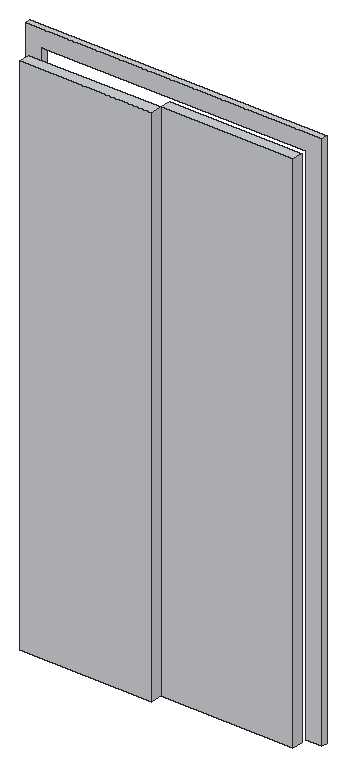
Revit family "ElevatorDoor_VersionAlt", category Doors, host Wall, Revit 2025
Family settings
  Host = Wall
  OmniClass Number = 23.30.10.00
  OmniClass Title = Doors
  Always vertical = Yes
  Cut with Voids When Loaded = No
  Shared = No
  Room Calculation Point = No
Parameters (values of type "ElevatorDoor")
  Function = Interior
  Frame Projection Ext. = 0' - 1"
  Frame Projection Int. = 0' - 1"
  Frame Width = 0' - 3"
  Height = 8' - 0"
  Wall Closure = By host
  Width = 4' - 0"
  Define Thermal Properties by = Schematic Type
  Analytic Construction = "<None>"
Types (4): name | Width
  ElevatorDoor | 4' - 0"
  ElevatorDoor - 4' | 4' - 0"
  ElevatorDoor - 6' | 6' - 0"
  ElevatorDoor - 5' | 5' - 0"
Reference planes (in)
  plane 1 "Center (Front/Back)": y = 0
  plane 2 "Center (Left/Right)": x = 0
  plane 3 "Left": x = -24
  plane 4 "Right": x = 24
  plane 5 "Top": z = 96
  plane 6 "Exterior": y = 3
  plane 7 "Interior": y = -3
Forms (in)
  Extrusion 1, solid
    sketch origin (-90, 3, 0) x (-1, 0, 0) y (0, 0, 1)
      loop
        line (-114, 96) -> (-66, 96) -> (-66, 0) -> (-63, 0) -> (-63, 99) -> (-117, 99) -> (-117, 0) -> (-114, 0) -> (-114, 96)
    from 0 to 1
  Extrusion 2, solid
    sketch origin (0, 0, 0) x (1, 0, 0) y (0, 1, 0)
      loop
        line (-24, 0) -> (-24, -2) -> (0, -2) -> (0, 0) -> (-24, 0)
    from 0 to 96 <- "Height"
  Extrusion 3, solid
    sketch origin (0, 2, 0) x (-1, 0, 0) y (0, -1, 0)
      loop
        line (-24, 0) -> (0, 0) -> (0, 2) -> (-24, 2) -> (-24, 0)
    from 0 to 96 <- "Height"
Lines and regions (in)
  Opening 1
    outline origin (-90, -3, 0) x (1, 0, 0) y (0, 0, 1)
      loop
        line (66, 0) -> (114, 0) -> (114, 96) -> (66, 96) -> (66, 0)
  symbolic lines, style "Elevation Swing"
    curve 1: line (-5, 3, 48) -> (-18.25, 3, 48)
    curve 2: line (-18.25, 3, 48) -> (-16.09636, 3, 48.65142)
    curve 3: line (5, 3, 42) -> (18.25, 3, 42)
    curve 4: line (18.25, 3, 42) -> (16.09636, 3, 42.65142)
Text (in)
  text "Exterior" at (-74.96733, 27.31104, 0), in view "Ref. Level"
  text "Interior" at (-74.96733, -25.14366, 0), in view "Ref. Level"
  text "Exterior" at (0, 40.15149, 123.01588), in view "Right"
  text "Interior" at (0, -64.39139, 123.01588), in view "Right"
  text "Interior" at (0, -31.01599, 123.00693), in view "Left"
  text "Exterior" at (0, 54.57065, 123.00693), in view "Left"
Dimensions and locks (in)
  equal spacing: plane 3 "Left", plane 2 "Center (Left/Right)", plane 4 "Right"
  "Height": level to plane 5 "Top"
  "Width": plane 3 "Left" to plane 4 "Right"
  "Frame Width": Extrusion 1 sketch curve to Extrusion 1 sketch curve  (x2)
  "Frame Width": Extrusion 1 sketch curve to plane 5 "Top"
  equal spacing: host wall, curve 2, plane 5 "Top"
  "Frame Projection Ext.": Extrusion 1 to host wall
  locked: host wall to Extrusion 2 sketch curve at 2
  aligned and locked: plane 3 "Left" to Opening 1 sketch curve
  aligned and locked: plane 5 "Top" to Opening 1 sketch curve  (x2)
  aligned and locked: Opening 1 sketch curve to plane 4 "Right"
  aligned and locked: Opening 1 sketch curve to level
  aligned and locked: plane 5 "Top" to Extrusion 1 sketch curve  (x2)
  aligned and locked: plane 3 "Left" to Extrusion 1 sketch curve
  aligned and locked: Extrusion 1 sketch curve to plane 3 "Left"
  aligned and locked: level to Extrusion 1 sketch curve
  aligned and locked: plane 4 "Right" to Extrusion 1 sketch curve
  aligned and locked: Extrusion 1 to host wall
  aligned and locked: plane 6 "Exterior" to host wall
  aligned and locked: plane 7 "Interior" to host wall
  aligned and locked: Extrusion 2 sketch curve to plane 2 "Center (Left/Right)"
  aligned and locked: Extrusion 2 sketch curve to plane 3 "Left"
  aligned and locked: host wall to Extrusion 2 sketch curve
  aligned and locked: Extrusion 2 to plane 5 "Top"
  aligned and locked: Extrusion 3 sketch curve to plane 4 "Right"
  aligned and locked: Extrusion 3 sketch curve to plane 2 "Center (Left/Right)"
  aligned and locked: host wall to Extrusion 3 sketch curve
  aligned and locked: plane 2 "Center (Left/Right)" to nested 1
  aligned and locked: plane 6 "Exterior" to nested 1
Automatic sketch dimensions
  Extrusion 1 sketch curve to level = 0' - 0"
  Extrusion 3 sketch curve to host wall = 0' - 2"
  curve 1 to plane 3 "Left" = 0' - 5 3/4"
  curve 2 to plane 3 "Left" = 0' - 7.90364"
  curve 2 to curve 1 = 0' - 0.65142"
  curve 1 to plane 2 "Center (Left/Right)" = 0' - 5"
  plane 4 "Right" to curve 3 = 0' - 5 3/4"
  level to curve 3 = 3' - 6"
  curve 3 to curve 4 = 0' - 2.15364"
  plane 2 "Center (Left/Right)" to curve 3 = 0' - 5"
  curve 3 to curve 4 = 0' - 0.65142"
Nested families (in)
  nested 1: "EntryTriangle" at (0, 3, 0), type "EntryTriangle"
Definition of nested family "EntryTriangle"
  Reference planes (in)
    plane 1: y = 0
    plane 2: x = 0
  Lines and regions (in)
    Filled region 1, type "S_Black_OPQ"
      outline origin (0, 0, 0) x (1, 0, 0) y (0, 1, 0)
        loop
          line (0, 0.0164) -> (0.02172, 0.05402) -> (-0.02172, 0.05402) -> (0, 0.0164)
